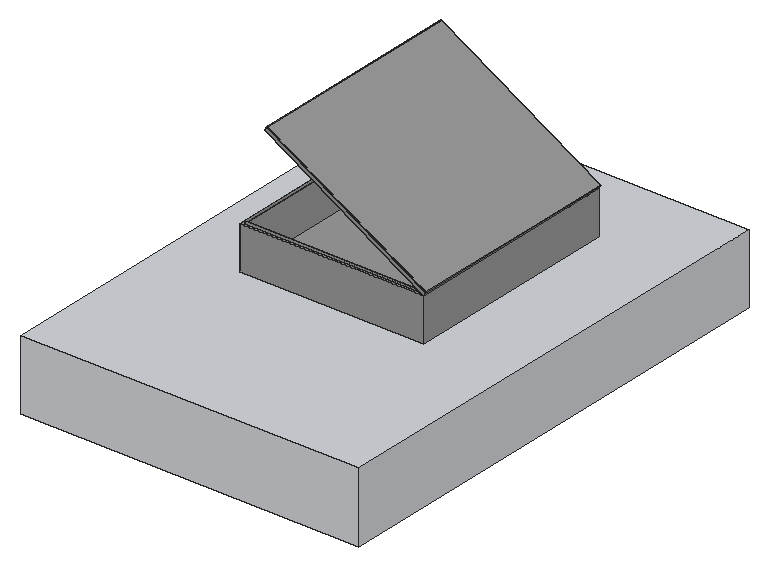
Revit family "Hager-Univers-IP44-D205-H950-Cl.II-Encl-CH-en", category Equipement électrique, Revit 2020
Family settings
  Hôte = Face
  Configuration du panneau = Deux colonnes, circuits au sein
  Cote de connecteur circulaire = Utiliser le diamètre
  Type d'élément = Tableau de raccordement
  Couper avec des vides une fois chargée = Non
  Partagée = Non
  Point de calcul de pièce = Non
Parameters (values of type "Surface mounted (plaster) IP44 W800 H950 D205  - FP63QS")
  Width Control [instance] = if([EF000008 - Width] > Min Width, [EF000008 - Width], Min Width)  # 800 mm
  Commentaires du type = [HG000003 - Range]  # "Univers"
  Thickness Door [instance] = if([EF009171 - Material plate thickness door/cover] > 3 mm, 3 mm, [EF009171 - Material plate thickness door/cover])  # 1 mm
  Seal Frame Offset [instance] = 17 mm  # constant formula
  Plinth Visibility [instance] = [HG000027 - Plinth height] > 0 mm  # no
  Model = ""
  Min Width [instance] = 100 mm  # constant formula
  Min Height [instance] = 100 mm  # constant formula
  Min Depth [instance] = (2 * [EF009170 - Material plate thickness cabinet]) + 1 mm  # 3 mm
  Internal Frame Depth [instance] = (Door System Depth * 0.5)  # 9 mm
  Height Control [instance] = if([EF000040 - Height] > Min Height, [EF000040 - Height], Min Height)  # 950 mm
  HG000027 - Plinth height = 0 mm
  HG000026 - Floor standing = no
  HG000024 - Bottom section height = 800 mm
  HG000023 - Double section enclosure = no
  HG000016 - Door 3d visibility [instance] = yes
  HG000015 - Clearance visibility [instance] = no
  HG000014 - Door on the right [instance] = yes
  HG000013 - Door on the left [instance] = not([HG000014 - Door on the right])  # no
  HG000012 - Door swing angle [instance] = 30.00°
  HG000010 - Asymmetric doors = no
  HG000009 - Double swing door = no
  HG000006 - Flush mounted = no
  HG000004 - Manufacturer reference = "FP63QS"
  HG000003 - Range = "Univers"
  HG000002 - With door or cover = yes
  Frame Offset Bottom [instance] = 10 mm  # constant formula
  Frame Offset [instance] = 15 mm  # constant formula
  EF015940 - Cover with overpressure release = no
  EF011959 - Degree of protection (NEMA) = ""
  EF009554 - Number of openings for flange plates = 6
  EF009212 - Cover model = "EV000116 - Closed"
  EF009171 - Material plate thickness door/cover = 1 mm
  EF009170 - Material plate thickness cabinet = 1 mm
  Fabricant = "Hager"  # constant formula
  EF008873 - Nominal current (In) = 250 A
  EF007800 - Suitable for lightning protection = no
  EF006306 - With lock = no
  EF006244 - Transparent cover/door = no
  EF005474 - Degree of protection (IP) = "EV006418 - IP44"
  EF004464 - Type of door = "EV002646 - Single"
  EF004427 - Number of modules = 216
  EF004293 - Impact strength = "EV006815 - IK09"
  EF003532 - Suitable for outdoor use = no
  EF002950 - Width in number of modular spacings = 36
  EF001613 - Circuit integrity = "EV000494 - None"
  EF001596 - Material housing = "EV000179 - Steel"
  EF001131 - Internal depth = 143 mm
  EF001088 - Extension possible = yes
  EF000437 - Number of conduit inlets = 6
  EF000339 - Type of cover = "EV001012 - Cover"
  EF000266 - Number of rows = 6
  EF000218 - Built-in depth = 0 mm
  EF000118 - With mounting plate = no
  EF000116 - RAL-number = "9010"
  EF000049 - Depth = 205 mm
  EF000040 - Height = 950 mm
  EF000008 - Width = 800 mm
  EF000007 - Colour = "EV000202 - White"
  EF000003 - Mounting method = "EV000384 - Surface mounted (plaster)"
  Door System Leaf Tolerance [instance] = 1.5 mm  # constant formula
  Door System Depth [instance] = 18 mm  # constant formula
  Door Height [instance] = Height Control - [HG000027 - Plinth height]  # 950 mm
  Depth Control [instance] = if([EF000049 - Depth] > Min Depth, [EF000049 - Depth], Min Depth)  # 205 mm
  Default Elevation = 0 mm
  Connector Offset [instance] = Height Control / 2  # 475 mm
  Bottom Top Plate Trim [instance] = 1.5 mm  # constant formula
  Plinth height Ctrl [instance] = if([HG000027 - Plinth height] > 0 mm, [HG000027 - Plinth height], 12 mm)  # 12 mm
Types (5, lengths in mm): name | Width Control | HG000009 - Double swing door | HG000004 - Manufacturer reference | EF009554 - Number of openings for flange plates | EF004464 - Type of door | EF004427 - Number of modules | EF002950 - Width in number of modular spacings | EF001131 - Internal depth | EF000437 - Number of conduit inlets | EF000008 - Width
  Surface mounted (plaster) IP44 W1050 H950 D205  - FP64QS | 1050 | yes | "FP64QS" | 8 | "EV003602 - Double" | 288 | 48 | 143 | 8 | 1050
  Surface mounted (plaster) IP44 W1300 H950 D205  - FP65QS | 1300 | yes | "FP65QS" | 10 | "EV003602 - Double" | 360 | 60 | 143 | 10 | 1300
  Surface mounted (plaster) IP44 W300 H950 D205  - FP61QS | 300 | no | "FP61QS" | 2 | "EV002646 - Single" | 72 | 12 | 143 | 2 | 300
  Surface mounted (plaster) IP44 W550 H950 D205  - FP62QS | 550 | no | "FP62QS" | 4 | "EV002646 - Single" | 144 | 24 | 130 | 4 | 550
  Surface mounted (plaster) IP44 W800 H950 D205  - FP63QS | 800 | no | "FP63QS" | 6 | "EV002646 - Single" | 216 | 36 | 143 | 6 | 800
Reference planes
  plane 1 "Center (Front/Back)": y = 0
  plane 2: z = 0
  plane 3 "Center (Left/Right)": x = 0
  plane 4: z = 205
  plane 5: y = 1
  plane 6: y = 475
  plane 7: y = 0
  plane 8: y = 950
  plane 9: z = 0
  plane 10: x = -385
  plane 11: x = 385
  plane 12: x = 384
  plane 13: x = -384
  plane 14: y = 949
  plane 15: x = -383
  plane 16: x = -400
  plane 17: x = 383
  plane 18: x = 400
  plane 19: x = 399
  plane 20: x = -399
  plane 21: y = 11
  plane 22: y = 950
  plane 23: y = 934
  plane 24: z = 187
  plane 25: z = 1
  plane 26: z = 186
  plane 27: z = 204
Forms (mm)
  Extrusion 1, solid
    sketch origin (0, 0, 0) x (1, 0, 0) y (0, 1, 0)
      loop
        line (-702.964, 1305) -> (-702.964, -811.445) -> (766.763, -811.445) -> (766.763, 1305) -> (-702.964, 1305)
    from 0 to -304.8
  Extrusion 2, solid, material "Hager_Steel_RAL7035_Light_Grey", visible <- "Plinth Visibility", detail levels medium+fine
    sketch origin (0, 0, 0) x (1, 0, 0) y (0, 1, 0)
      loop
        line (-400, 0) -> (400, 0) -> (400, 12) -> (-400, 12) -> (-400, 0)
    from 0 to 187
  Extrusion 3, solid, material "Hager_Steel_RAL7035_Light_Grey", detail levels medium+fine
    sketch origin (0, 0, 0) x (1, 0, 0) y (0, 1, 0)
      loop
        line (-400, 0) -> (400, 0) -> (400, 950) -> (-400, 950) -> (-400, 0)
    from 0 to 187
  Extrusion 4, void
    sketch origin (0, 0, 0) x (1, 0, 0) y (0, 1, 0)
      loop
        line (-399, 1) -> (399, 1) -> (399, 949) -> (-399, 949) -> (-399, 1)
    from 1 to 186
  Extrusion 5, void
    sketch origin (-381.607, -4572, 187) x (0, -1, 0) y (-1, 0, 0)
      loop
        line (-4583, 2.393) -> (-5506, 2.393) -> (-5506, -765.607) -> (-4583, -765.607) -> (-4583, 2.393)
    from 0 to 1 <- "EF009170 - Material plate thickness cabinet"
  Extrusion 6, solid, material "Hager_Steel_RAL7035_Light_Grey", detail levels fine
    sketch origin (0, 0, 187) x (1, 0, 0) y (0, 1, 0)
      loop
        line (-384, 934) -> (-384, 11) -> (384, 11) -> (384, 934) -> (-384, 934)
      loop
        line (-385, 10) -> (385, 10) -> (385, 935) -> (-385, 935) -> (-385, 10)
    from 0 to 9 <- "Internal Frame Depth"
  Extrusion 7, solid, material "Hager_Steel_RAL7035_Light_Grey", detail levels coarse
    sketch origin (0, 0, 0) x (1, 0, 0) y (0, 1, 0)
      loop
        line (-400, 0) -> (400, 0) -> (400, 950) -> (-400, 950) -> (-400, 0)
    from 0 to 205
  Sweep 8, void
    path in 3D
      loop
        line (-400, 12, 0) -> (400, 12, 0) -> (400, 12, 187) -> (-400, 12, 187) -> (-400, 12, 0)
    profile origin (-400, 12, 93.5) x (-1, 0, 0) y (0, -1, 0)
      loop
        line (0, 0) -> (0, 1.5) -> (-1.5, 1.5)
        arc (-1.5, 1.5) -> (-1.061, 0.439) -> (0, 0) r 1.5
Cuts and joins
  Extrusion 4, Extrusion 5 cuts Extrusion 3
  Sweep 8 cuts Extrusion 2
Lines and regions (mm)
  Masking region 1
    outline origin (0, 0, 0) x (1, 0, 0) y (0, 0, 1)
      loop
        line (-400, 205) -> (-400, 0) -> (400, 0) -> (400, 205) -> (-400, 205)
  Masking region 2, detail levels medium+fine
    outline origin (0, 140, 0) x (0, 1, 0) y (0, 0, 1)
      loop
        line (-140, 0) -> (810, 0) -> (810, 187) -> (-140, 187) -> (-140, 0)
  Masking region 3, not visible, detail levels medium+fine
    outline origin (0, 297.922, 0) x (0, 1, 0) y (0, 0, 1)
      loop
        line (188.578, 0) -> (228.578, 0) -> (228.578, 194)
        arc (228.578, 194) -> (225.649, 201.071) -> (218.578, 204) r 10
        line (218.578, 204) -> (188.578, 204) -> (188.578, 0)
  Masking region 4, detail levels coarse
    outline origin (0, 0, 180) x (0, 1, 0) y (0, 0, 1)
      loop
        line (0, -180) -> (950, -180) -> (950, 25) -> (0, 25) -> (0, -180)
  Masking region 5, visible <- "Plinth Visibility", detail levels medium+fine
    outline origin (0, 52.24, 12.345) x (0, 0, -1) y (0, 1, 0)
      loop
        line (10.845, -40.24) -> (-173.155, -40.24)
        arc (-173.155, -40.24) -> (-173.594, -41.301) -> (-174.655, -41.74) r 1.5
        line (-174.655, -41.74) -> (-174.655, -52.24) -> (12.345, -52.24) -> (12.345, -41.74)
        arc (12.345, -41.74) -> (11.285, -41.301) -> (10.845, -40.24) r 1.5
  Masking region 6, detail levels medium+fine
    outline origin (-381.607, -4572, 187) x (-1, 0, 0) y (0, -1, 0)
      loop
        line (18.393, -5522) -> (18.393, -4572) -> (-781.607, -4572) -> (-781.607, -5522) -> (18.393, -5522)
  Masking region 7, visible <- "Plinth Visibility", detail levels medium+fine
    outline origin (-381.607, -4727, 187) x (-1, 0, 0) y (0, -1, 0)
      loop
        arc (16.893, -4739) -> (17.332, -4737.939) -> (18.393, -4737.5) r 1.5
        line (18.393, -4737.5) -> (18.393, -4727) -> (-781.607, -4727) -> (-781.607, -4737.5)
        arc (-781.607, -4737.5) -> (-780.546, -4737.939) -> (-780.107, -4739) r 1.5
        line (-780.107, -4739) -> (16.893, -4739)
  Masking region 8, detail levels coarse
    outline origin (-442.548, -4669.526, 187) x (-1, 0, 0) y (0, -1, 0)
      loop
        line (-42.548, -5619.526) -> (-42.548, -4669.526) -> (-842.548, -4669.526) -> (-842.548, -5619.526) -> (-42.548, -5619.526)
  sketch lines
    curve 1: line (-400, 12, 187) -> (-400, 12, 0)
    curve 2: line (400, 12, 187) -> (-400, 12, 187)
    curve 3: line (400, 12, 187) -> (400, 12, 0)
    curve 4: line (-400, 12, 0) -> (400, 12, 0)
Dimensions and locks
  "Depth Control": plane 4 to Extrusion 1
  "HG000027 - Plinth height": plane 1 "Center (Front/Back)" to plane 7
  "EF009170 - Material plate thickness cabinet": plane 5 to plane 7
  locked: connector elem to plane 3 "Center (Left/Right)"
  equal spacing: plane 8, plane 6, plane 7
  locked: connector elem to plane 6
  "EF009170 - Material plate thickness cabinet": plane 8 to plane 14
  "EF009170 - Material plate thickness cabinet": plane 10 to plane 13
  "EF009170 - Material plate thickness cabinet": plane 12 to plane 11
  "Frame Offset": plane 20 to plane 13
  "Frame Offset": plane 12 to plane 19
  "EF009170 - Material plate thickness cabinet": plane 16 to plane 20
  "EF009170 - Material plate thickness cabinet": plane 19 to plane 18
  "Seal Frame Offset": plane 16 to plane 15
  "Seal Frame Offset": plane 17 to plane 18
  "Frame Offset Bottom": plane 21 to plane 5
  "Frame Offset": plane 14 to plane 23
  equal spacing: plane 16, plane 3 "Center (Left/Right)", plane 18
  "Width Control": plane 16 to plane 18
  "EF009170 - Material plate thickness cabinet": plane 4 to plane 27
  "EF009170 - Material plate thickness cabinet": plane 24 to plane 26
  "EF009170 - Material plate thickness cabinet": plane 25 to level
  "Door System Depth": plane 4 to plane 24
  "Height Control": plane 1 "Center (Front/Back)" to Extrusion 7 sketch curve
  "Height Control": Masking region 4 sketch curve to plane 1 "Center (Front/Back)"
  "Height Control": plane 1 "Center (Front/Back)" to plane 22
  "Bottom Top Plate Trim": profile plane to Sweep 8 sketch curve
  "Bottom Top Plate Trim": Sweep 8 sketch curve to profile plane
  "Plinth height Ctrl": plane 1 "Center (Front/Back)" to Extrusion 2 sketch curve
  "Plinth height Ctrl": Masking region 5 sketch curve to plane 1 "Center (Front/Back)"
  "Plinth height Ctrl": plane 1 "Center (Front/Back)" to Masking region 7 sketch curve
  "Thickness Door": Extrusion 6 sketch curve to Extrusion 6 sketch curve  (x3)
  "Thickness Door": cut or joined group of Extrusion 3, Extrusion 4, Extrusion 5 to Extrusion 6 sketch curve
  radius of Masking region 3 sketch curve = 10 mm
  "Bottom Top Plate Trim": radius of Masking region 5 sketch curve  (x2)
  "Bottom Top Plate Trim": radius of Sweep 8 sketch curve
  "Bottom Top Plate Trim": radius of Masking region 7 sketch curve  (x2)
  aligned and locked: plane 2 to Extrusion 1
  aligned and locked: level to Extrusion 1
  aligned and locked: level to Masking region 1 sketch curve
  aligned and locked: Masking region 1 sketch curve to plane 18
  aligned and locked: Masking region 1 sketch curve to plane 16
  aligned and locked: plane 7 to Masking region 2 sketch curve
  aligned and locked: level to Masking region 3 sketch curve
  aligned and locked: Masking region 3 sketch curve to plane 27
  aligned and locked: level to Masking region 2 sketch curve
  aligned and locked: plane 1 "Center (Front/Back)" to Extrusion 2 sketch curve
  aligned and locked: Extrusion 3 sketch curve to plane 7
  aligned and locked: plane 16 to Extrusion 3 sketch curve
  aligned and locked: plane 18 to Extrusion 3 sketch curve
  aligned and locked: plane 20 to Extrusion 4 sketch curve
  aligned and locked: plane 19 to Extrusion 4 sketch curve
  aligned and locked: Extrusion 4 sketch curve to plane 5
  aligned and locked: Extrusion 4 to plane 25
  aligned and locked: plane 26 to Extrusion 4
  aligned and locked: plane 24 to Extrusion 3
  aligned and locked: Extrusion 5 sketch curve to plane 21
  aligned and locked: Extrusion 5 sketch curve to plane 13
  aligned and locked: Extrusion 5 sketch curve to plane 12
  aligned and locked: plane 18 to Extrusion 7 sketch curve
  aligned and locked: plane 1 "Center (Front/Back)" to Extrusion 7 sketch curve
  aligned and locked: plane 16 to Extrusion 7 sketch curve
  aligned and locked: plane 4 to Extrusion 7
  aligned and locked: Extrusion 7 to level
  aligned and locked: level to Masking region 4 sketch curve
  aligned and locked: Masking region 4 sketch curve to plane 1 "Center (Front/Back)"
  aligned and locked: Masking region 4 sketch curve to plane 4
  aligned and locked: nested 1 to level
  aligned and locked: nested 1 to plane 16
  aligned and locked: plane 8 to Extrusion 3 sketch curve
  aligned and locked: plane 23 to Extrusion 5 sketch curve
  aligned and locked: plane 14 to Extrusion 4 sketch curve
  aligned and locked: Masking region 2 sketch curve to plane 8
  aligned and locked: level to Masking region 5 sketch curve
  aligned and locked: plane 16 to Extrusion 2 sketch curve
  aligned and locked: plane 18 to Extrusion 2 sketch curve
  aligned and locked: Masking region 5 sketch curve to plane 24
  aligned and locked: Masking region 2 sketch curve to plane 24
  aligned and locked: plane 24 to Extrusion 2
  aligned and locked: profile plane to Sweep 8 sketch curve  (x2)
  aligned and locked: Masking region 6 sketch curve to plane 18
  aligned and locked: Masking region 6 sketch curve to plane 22
  aligned and locked: Masking region 6 sketch curve to plane 16
  aligned and locked: plane 8 to plane 22
  aligned and locked: Masking region 6 sketch curve to plane 7
  aligned and locked: Masking region 7 sketch curve to plane 16
  aligned and locked: Masking region 7 sketch curve to plane 1 "Center (Front/Back)"
  aligned and locked: Masking region 7 sketch curve to plane 18
  aligned and locked: Masking region 8 sketch curve to plane 1 "Center (Front/Back)"
  aligned and locked: Masking region 8 sketch curve to plane 18
  aligned and locked: Masking region 8 sketch curve to plane 22
  aligned and locked: Masking region 8 sketch curve to plane 16
  aligned and locked: nested 2 to plane 7
  aligned and locked: plane 3 "Center (Left/Right)" to nested 2
  aligned and locked: nested 2 to plane 24
  aligned and locked: Extrusion 6 sketch curve to cut or joined group of Extrusion 3, Extrusion 4, Extrusion 5  (x4)
Automatic sketch dimensions
  Extrusion 1 sketch curve to Extrusion 1 sketch curve = 1469.727 mm
  Extrusion 1 sketch curve to Extrusion 1 sketch curve = 2116.445 mm
  Masking region 1 sketch curve to plane 4 = 0 mm
  plane 6 to Masking region 3 sketch curve = 11.5 mm
  Masking region 3 sketch curve to Masking region 3 sketch curve = 30 mm
  Masking region 5 sketch curve to plane 1 "Center (Front/Back)" = 0 mm
Nested families
  nested 1: "Hager_Enclosure_Symbol" at (-400, 0, 0) x (1, 0, 0) z (0, -1, 0), Height <- "Depth Control", Width <- "Width Control", type "Hager_Enclosure_Symbol"
    with Width_Ctrl 800 mm, Width 800 mm, Height_Ctrl 205 mm, Height 205 mm, A_Width_Int 13.453 mm, A_Width 161.438 mm, A_Height_Ctrl 179.375 mm, A_Height 179.375 mm
  nested 2: "EC000058_Univers_Door" at (0, 0, 187) x (1, 0, 0) z (0, 1, 0), Leaf_Tolerance <- "Door System Leaf Tolerance", Angle <- "HG000012 - Door swing angle", Door_Depth <- "Door System Depth", Door_Left <- "HG000013 - Door on the left", Transparent <- "EF006244 - Transparent cover/door", Assymetrical <- "HG000010 - Asymmetric doors", Width <- "Width Control", Clearance <- "HG000015 - Clearance visibility", Double <- "HG000009 - Double swing door", 3d_Door <- "HG000016 - Door 3d visibility", Lock_Visibility <- "EF006306 - With lock", Width_Ctrl <- "Width Control", Door_Right <- "HG000014 - Door on the right", Door <- "HG000002 - With door or cover", Height <- "Door Height", Thickness <- "Thickness Door", type "EC000058_Univers_Door", detail levels medium+fine
    with min_wh 3 mm, Width_Ctrl 800 mm, Width 800 mm, Transparent no, Thickness 1 mm, Seal_Material Hager_Rubber, Lock_Visibility no, Lock_Material Hager_Plastic_RAL9005_Jet_Black, Leaf_Width 800 mm, Leaf_Tolerance_External_Sides 0 mm, Leaf_Tolerance 1.5 mm, Leaf_Offset 0 mm, Leaf_Height 947 mm, Leaf_2_Width 800 mm, Leaf_2_Offset 400 mm, Leaf_1_Width 800 mm, Leaf_1_Offset 400 mm, Height_Ctrl 950 mm, Height 950 mm, Glass_Material Hager_Glass, Double_Clearance_Ctrl no, Double no, Door_Right_Ctrl yes, Door_Right yes, Door_Material Hager_Steel_RAL7035_Light_Grey, Door_Left_Ctrl no, Door_Left no, Door_Depth 18 mm, Door yes, Clearance_Material Hager_Clearance, Clearance_Depth 800 mm, Clearance_Ctrl no, Clearance no, Assymetrical no, Angle 30.00°, 3d_Door yes
Connectors
  electrical at (0, 475, 0)
    settings: on plane 9, index 1, voltage 0 V, apparent load 0 VA, apparent load phase1 0 VA, apparent load phase2 0 VA, apparent load phase3 0 VA, power factor 1, load classification "Other", number of poles 1, system type 30, power factor state 1, is connector primary yes, connector utility no, sub classification motor no, connector description ""
Definition of nested family "EC000058_Univers_Door"
  Parameters (values of type "EC000058_Univers_Door")
    min_wh [instance] = (2 * Thickness) + 1 mm  # 11 mm
    Width_Ctrl [instance] = 400 mm
    Width [instance] = 500 mm
    Transparent [instance] = yes
    Thickness [instance] = 5 mm
    Seal_Material [instance] = none
    Lock_Visibility [instance] = yes
    Lock_Material [instance] = none
    Leaf_Width [instance] = if((Width_Ctrl - 2 * Leaf_Tolerance_External_Sides) > 0 mm, (Width_Ctrl - 2 * Leaf_Tolerance_External_Sides), min_wh)  # 400 mm
    Leaf_Tolerance_External_Sides [instance] = 0 mm  # constant formula
    Leaf_Tolerance [instance] = 1.5 mm
    Leaf_Offset [instance] = 0 mm  # constant formula
    Leaf_Height [instance] = if((Height_Ctrl - 2 * Leaf_Tolerance) > 0 mm, (Height_Ctrl - 2 * Leaf_Tolerance), min_wh)  # 497 mm
    Leaf_2_Width [instance] = if(and(and(Double, Assymetrical), Door_Left), (Leaf_Width / 3) - (Leaf_Tolerance / 2), if(and(and(Double, Assymetrical), Door_Right), (Leaf_Width / 3) * 2 - (Leaf_Tolerance / 2), if(and(Double, not(Assymetrical)), (Leaf_Width / 2) - Leaf_Tolerance, Leaf_Width)))  # 400 mm
    Leaf_2_Offset [instance] = if(and(Double, Assymetrical), Leaf_2_Width / 2, if(and(Double, not(Assymetrical)), Leaf_Width / 4, Leaf_Width / 2))  # 200 mm
    Leaf_1_Width [instance] = if(and(and(Double, Assymetrical), Door_Right), (Leaf_Width / 3) - (Leaf_Tolerance / 2), if(and(and(Double, Assymetrical), Door_Left), (Width / 3) * 2 - (Leaf_Tolerance / 2), if(and(Double, not(Assymetrical)), (Leaf_Width / 2) - Leaf_Tolerance, Leaf_Width)))  # 400 mm
    Leaf_1_Offset [instance] = if(and(Double, Assymetrical), Leaf_1_Width / 2, if(and(Double, not(Assymetrical)), Leaf_Width / 4, Leaf_Width / 2))  # 200 mm
    Height_Ctrl [instance] = if(Height > min_wh, Height, min_wh)  # 500 mm
    Height [instance] = 500 mm
    Glass_Material [instance] = none
    Double_Clearance_Ctrl [instance] = and(Double, Clearance)  # no
    Double [instance] = no
    Door_Right_Ctrl [instance] = and(or(Door_Right, Double), Door)  # yes
    Door_Right [instance] = yes
    Door_Material [instance] = none
    Door_Left_Ctrl [instance] = and(or(Door_Left, Double), Door)  # no
    Door_Left [instance] = no
    Door_Depth [instance] = 30 mm
    Door [instance] = yes
    Default Elevation = 1219.2 mm
    Clearance_Material [instance] = none
    Clearance_Depth [instance] = if(Leaf_1_Width > Leaf_2_Width, Leaf_1_Width, Leaf_2_Width)  # 400 mm
    Clearance_Ctrl [instance] = and(not(Double), Clearance)  # yes
    Clearance [instance] = yes
    Assymetrical [instance] = yes
    Angle [instance] = 30.00°
    3d_Door [instance] = yes
  Reference planes
    plane 1 "Center (Front/Back)": y = 0
    plane 2 "Bottom": z = 0
    plane 3 "Center (Left/Right)": x = 0
    plane 4: z = 500
    plane 5: x = -200
    plane 6: x = 200
    plane 7: z = 500
    plane 8: x = -200
    plane 9: z = 0
    plane 10: x = 200
    plane 11: y = 0
    plane 12: z = 1.5
    plane 13: x = -600
    plane 14: y = -400
    plane 15: x = 600
    plane 16: x = 0
    plane 17: x = 0
    plane 18: x = -200
    plane 19: x = 200
    plane 20: z = 498.5
  Forms (mm)
    Extrusion 1, solid, material <- "Clearance_Material", visible <- "Double_Clearance_Ctrl"
      sketch origin (1200, 0, 0) x (1, 0, 0) y (0, 0, -1)
        loop
          line (-1800, -498.5) -> (-600, -498.5) -> (-600, 0) -> (-1800, 0) -> (-1800, -498.5)
      from 0 to -400
  Dimensions and locks
    equal spacing: plane 5, plane 3 "Center (Left/Right)", plane 6
    "Width_Ctrl": plane 5 to plane 6
    "Leaf_Offset": plane 5 to plane 8
    "Leaf_Offset": plane 6 to plane 10
    "Leaf_Offset": plane 9 to level
    "Leaf_Offset": plane 4 to plane 7
    "Height_Ctrl": plane 4 to level
    "Leaf_Tolerance": plane 12 to plane 9
    locked: plane 11 to plane 1 "Center (Front/Back)"
    "Leaf_1_Offset": plane 18 to plane 16
    "Leaf_2_Offset": plane 17 to plane 19
    "Leaf_1_Width": plane 13 to plane 8
    "Leaf_2_Width": plane 10 to plane 15
    "Clearance_Depth": plane 14 to plane 1 "Center (Front/Back)"
    "Leaf_Tolerance_External_Sides": plane 8 to plane 18
    "Leaf_Tolerance_External_Sides": plane 19 to plane 10
    "Leaf_Tolerance": plane 7 to plane 20
    aligned and locked: level to plane 2 "Bottom"
    aligned and locked: nested 1 to plane 16
    aligned and locked: nested 2 to plane 17
    aligned and locked: Extrusion 1 to plane 13
    aligned and locked: plane 15 to Extrusion 1
    aligned and locked: Extrusion 1 to plane 14
    aligned and locked: plane 12 to nested 1
    aligned and locked: nested 2 to plane 12
    aligned and locked: Extrusion 1 to plane 11
    aligned and locked: plane 20 to Extrusion 1
    aligned and locked: nested 2 to plane 11
    aligned and locked: nested 1 to plane 11
  Automatic sketch dimensions
    Extrusion 1 sketch curve to level = 0 mm
    plane 5 to Extrusion 1 sketch curve = 400 mm
    plane 6 to Extrusion 1 sketch curve = 400 mm
    Extrusion 1 sketch curve to plane 4 = 1.5 mm
  Nested families
    nested 1: "EC000058_Univers_Door_Leaf" at (0, 0, 1.5), Width <- "Leaf_1_Width", visible <- "Door_Left_Ctrl", Leaf_Height <- "Leaf_Height", Angle <- "Angle", 3d_Door <- "3d_Door", Transparent <- "Transparent", Clearance Material <- "Clearance_Material", Clearance <- "Clearance_Ctrl", Door_Material <- "Door_Material", Glass_Material <- "Glass_Material", Door_Depth <- "Door_Depth", Lock_Material <- "Lock_Material", Seal_Material <- "Seal_Material", Lock_Visibility <- "Lock_Visibility", Thickness <- "Thickness", type "EC000058_Univers_Door_Leaf"
      with Width 400 mm, Transparent_Glass_Offset 30 mm, Transparent_Ctrl yes, Transparent yes, Thickness 5 mm, Standard no, Seal_Material none, Seal_D2 8 mm, Seal_D1 1 mm, Offset_Internal_Frame 10 mm, Lock_Width 20 mm, Lock_Visibility_3d yes, Lock_Visibility yes, Lock_Thickness_3 3 mm, Lock_Thickness_2 1 mm, Lock_Thickness_1 3 mm, Lock_Radius_Offset_2 16 mm, Lock_Radius_Offset_1 15 mm, Lock_Radius_2 5 mm, Lock_Radius 6 mm, Lock_Offset 5 mm, Lock_Material none, Lock_Height 80 mm, Lock_Cover_Top_Offset_2d 17 mm, Lock_Cover_Height -65 mm, Leaf_Height 497 mm, Internal_Seal_Thickness 8 mm, Internal_Seal_Depth_2 4.5 mm, Internal_Frame_Depth 25 mm, Glass_Thickness -1 mm, Glass_Offset -2 mm, Glass_Material none, Door_Material none, Door_Depth 30 mm, Clearance Material none, Clearance yes, Angle_Ctrl 30.00°, Angle 30.00°, 3d_Door yes
    nested 2: "EC000058_Univers_Door_Leaf" at (0, 0, 1.5) x (-1, 0, 0) z (0, 0, 1), Width <- "Leaf_2_Width", visible <- "Door_Right_Ctrl", Leaf_Height <- "Leaf_Height", Angle <- "Angle", 3d_Door <- "3d_Door", Transparent <- "Transparent", Clearance Material <- "Clearance_Material", Clearance <- "Clearance_Ctrl", Door_Material <- "Door_Material", Glass_Material <- "Glass_Material", Door_Depth <- "Door_Depth", Lock_Material <- "Lock_Material", Seal_Material <- "Seal_Material", Lock_Visibility <- "Lock_Visibility", Thickness <- "Thickness", type "EC000058_Univers_Door_Leaf"
      with Width 400 mm, Transparent_Glass_Offset 30 mm, Transparent_Ctrl yes, Transparent yes, Thickness 5 mm, Standard no, Seal_Material none, Seal_D2 8 mm, Seal_D1 1 mm, Offset_Internal_Frame 10 mm, Lock_Width 20 mm, Lock_Visibility_3d yes, Lock_Visibility yes, Lock_Thickness_3 3 mm, Lock_Thickness_2 1 mm, Lock_Thickness_1 3 mm, Lock_Radius_Offset_2 16 mm, Lock_Radius_Offset_1 15 mm, Lock_Radius_2 5 mm, Lock_Radius 6 mm, Lock_Offset 5 mm, Lock_Material none, Lock_Height 80 mm, Lock_Cover_Top_Offset_2d 17 mm, Lock_Cover_Height -65 mm, Leaf_Height 497 mm, Internal_Seal_Thickness 8 mm, Internal_Seal_Depth_2 4.5 mm, Internal_Frame_Depth 25 mm, Glass_Thickness -1 mm, Glass_Offset -2 mm, Glass_Material none, Door_Material none, Door_Depth 30 mm, Clearance Material none, Clearance yes, Angle_Ctrl 30.00°, Angle 30.00°, 3d_Door yes
  Definition of nested family "EC000058_Univers_Door_Leaf"
    Parameters (values of type "EC000058_Univers_Door_Leaf")
      Width [instance] = 2000 mm
      Transparent_Glass_Offset [instance] = 30 mm
      Transparent_Ctrl [instance] = and(Transparent, [3d_Door])  # yes
      Transparent [instance] = yes
      Thickness [instance] = 5 mm
      Standard [instance] = and(not(Transparent), [3d_Door])  # no
      Seal_Material [instance] = none
      Seal_D2 [instance] = 8 mm  # constant formula
      Seal_D1 [instance] = 1 mm  # constant formula
      Offset_Internal_Frame [instance] = 10 mm  # constant formula
      Lock_Width [instance] = 20 mm  # constant formula
      Lock_Visibility_3d [instance] = and(Lock_Visibility, [3d_Door])  # yes
      Lock_Visibility [instance] = yes
      Lock_Thickness_3 [instance] = 3 mm  # constant formula
      Lock_Thickness_2 [instance] = 1 mm  # constant formula
      Lock_Thickness_1 [instance] = 3 mm  # constant formula
      Lock_Radius_Offset_2 [instance] = Lock_Radius_Offset_1 + 1 mm  # 16 mm
      Lock_Radius_Offset_1 [instance] = 15 mm  # constant formula
      Lock_Radius_2 [instance] = Lock_Radius - 1 mm  # 5 mm
      Lock_Radius [instance] = 6 mm  # constant formula
      Lock_Offset [instance] = 5 mm  # constant formula
      Lock_Material [instance] = none
      Lock_Height [instance] = 80 mm  # constant formula
      Lock_Cover_Top_Offset_2d [instance] = Lock_Radius_Offset_2 + 1 mm  # 17 mm
      Lock_Cover_Height [instance] = -(Lock_Height - Lock_Radius_Offset_1)  # -65 mm
      Leaf_Height [instance] = 2720.336 mm
      Internal_Seal_Thickness [instance] = 8 mm  # constant formula
      Internal_Seal_Depth_2 [instance] = 4.5 mm  # constant formula
      Internal_Frame_Depth [instance] = if(Door_Depth - Thickness > 5 mm, Door_Depth - Thickness, 5 mm)  # 25 mm
      Glass_Thickness [instance] = if(Thickness > 15 mm, Glass_Offset + 10 mm, -1 mm)  # -1 mm
      Glass_Offset [instance] = if(Thickness > 15 mm, -(Thickness + 10 mm) / 2, -2 mm)  # -2 mm
      Glass_Material [instance] = none
      Door_Material [instance] = none
      Door_Depth [instance] = 30 mm
      Default Elevation = 0 mm
      Clearance Material [instance] = none
      Clearance [instance] = yes
      Angle_Ctrl [instance] = if(Angle > 180.00°, 180.00°, Angle)  # 90.00°
      Angle [instance] = 90.00°
      3d_Door [instance] = yes
    Reference planes
      plane 1 "Center (Front/Back)": y = 0
      plane 2: z = 0
      plane 3 "Center (Left/Right)": x = 0
      plane 4: y = 2000
      plane 5: x = -1000
      plane 6: x = 1000
      plane 7: x = -3000
      plane 8: z = 2720.336
      plane 9: z = 30
      plane 10: z = 2690.336
      plane 11: x = 970
      plane 12: x = -970
      plane 13: y = -3
      plane 14: z = 107.833
      plane 15: y = -5
      plane 16: y = -223.314
      plane 17: x = -1000
      plane 18: z = 1360.168
      plane 19: y = 30
    Forms (mm)
      Extrusion 1, solid, material <- "Clearance Material", visible <- "Clearance"
        sketch origin (0, 0, 0) x (1, 0, 0) y (0, 0, 1)
          loop
            line (-3000, 2720.336) -> (-3000, 0) -> (1000, 0) -> (1000, 2720.336) -> (-3000, 2720.336)
        from 0 to -2000
      Extrusion 2, solid, material <- "Door_Material", visible <- "Standard", detail levels medium+fine
        sketch origin (-1000, 0, 0) x (0, 1, 0) y (-1, 0, 0)
          loop
            line (0, 30) -> (0, 25) -> (2000, 25) -> (2000, 30) -> (0, 30)
        from 0 to 2720.336 <- "Leaf_Height"
      Extrusion 3, solid, material <- "Door_Material", visible <- "Transparent_Ctrl", detail levels medium+fine
        sketch origin (-1000, 0, 0) x (0, 1, 0) y (-1, 0, 0)
          loop
            line (0, 25) -> (2000, 25) -> (2000, 30) -> (0, 30) -> (0, 25)
        from 0 to 2720.336 <- "Leaf_Height"
      Extrusion 4, void
        sketch origin (-1025, 2000, 0) x (0, 1, 0) y (0, 0, -1)
          loop
            line (-30, -2690.336) -> (-30, -30) -> (-1970, -30) -> (-1970, -2690.336) -> (-30, -2690.336)
        from 0 to 5 <- "Thickness"
      Sweep 5, solid, material <- "Seal_Material", visible <- "Transparent_Ctrl", detail levels fine
        path in 3D
          loop
            line (-1025, 30, 30) -> (-1025, 30, 2690.336) -> (-1025, 1970, 2690.336) -> (-1025, 1970, 30) -> (-1025, 30, 30)
        profile origin (-1025, 1000, 30) x (1, 0, 0) y (0, 0, 1)
          loop
            line (0, 0) -> (0, -8) -> (1, -8) -> (1, 0) -> (0, 0)
      Extrusion 6, solid, material <- "Glass_Material", visible <- "Transparent_Ctrl", detail levels medium+fine
        sketch origin (-1030, 0, 0) x (0, 1, 0) y (0, 0, -1)
          loop
            line (1970, -2690.336) -> (1970, -30) -> (30, -30) -> (30, -2690.336) -> (1970, -2690.336)
        from -2 <- "Glass_Offset" to -1 <- "Glass_Thickness"
      Extrusion 7, solid, material <- "Door_Material", visible <- "3d_Door", detail levels medium+fine
        sketch origin (-1025, 2000, 0) x (0, -1, 0) y (0, 0, -1)
          loop
            line (0, -2720.336) -> (2000, -2720.336) -> (2000, 0) -> (0, 0) -> (0, -2720.336)
          loop
            line (1995, -5) -> (5, -5) -> (5, -2715.336) -> (1995, -2715.336) -> (1995, -5)
        from 0 to 25 <- "Internal_Frame_Depth"
      Sweep 8, solid, material <- "Seal_Material", visible <- "Transparent_Ctrl", detail levels fine
        path in 3D
          loop
            line (-1025, 0, 0) -> (-1025, 2000, 0) -> (-1025, 2000, 2720.336) -> (-1025, 0, 2720.336) -> (-1025, 0, 0)
        profile origin (-1025, 0, 1360.168) x (1, 0, 0) y (0, 1, 0)
          loop
            line (0, 10) -> (2.975, 10)
            arc (2.975, 10) -> (4.053, 10.447) -> (4.5, 11.525) r 1.525
            line (4.5, 11.525) -> (4.5, 16.527)
            arc (4.5, 16.527) -> (4.069, 17.569) -> (3.027, 18) r 1.473
            line (3.027, 18) -> (0, 18) -> (0, 10)
      Extrusion 9, solid, material <- "Lock_Material", visible <- "Lock_Visibility_3d", detail levels fine
        sketch origin (-1030, 0, 0) x (0, 1, 0) y (0, 0, -1)
          loop
            arc (1993.5, -1400.168) -> (1994.561, -1399.729) -> (1995, -1398.668) r 1.5
            line (1995, -1398.668) -> (1995, -1320.168) -> (1975, -1320.168) -> (1975, -1398.668)
            arc (1975, -1398.668) -> (1975.439, -1399.729) -> (1976.5, -1400.168) r 1.5
            line (1976.5, -1400.168) -> (1993.5, -1400.168)
        from 3 <- "Lock_Thickness_1" to 0
      Blend 10, solid, material <- "Lock_Material", visible <- "Lock_Visibility_3d", detail levels fine
        base sketch origin (-1033, 0, 0) x (0, 1, 0) y (0, 0, -1)
          loop
            line (1975, -1320.168) -> (1975, -1398.668)
            arc (1975, -1398.668) -> (1975.439, -1399.729) -> (1976.5, -1400.168) r 1.5
            line (1976.5, -1400.168) -> (1993.5, -1400.168)
            arc (1993.5, -1400.168) -> (1994.561, -1399.729) -> (1995, -1398.668) r 1.5
            line (1995, -1398.668) -> (1995, -1320.168) -> (1975, -1320.168)
        top sketch origin (-1033, 0, 0) x (0, 1, 0) y (0, 0, -1)
          loop
            line (1976, -1320.168) -> (1976, -1398.668)
            arc (1976, -1398.668) -> (1976.146, -1399.022) -> (1976.5, -1399.168) r 0.5
            line (1976.5, -1399.168) -> (1993.5, -1399.168)
            arc (1993.5, -1399.168) -> (1993.854, -1399.022) -> (1994, -1398.668) r 0.5
            line (1994, -1398.668) -> (1994, -1320.168) -> (1976, -1320.168)
        from 0 to 1 <- "Lock_Thickness_2"
      Blend 11, solid, material <- "Lock_Material", visible <- "Lock_Visibility_3d", detail levels fine
        base sketch origin (-1034, 0, 0) x (0, 1, 0) y (0, 0, -1)
          loop
            line (1978, -1320.168) -> (1978, -1384.168)
            arc (1978, -1384.168) -> (1985, -1391.168) -> (1992, -1384.168) r 7
            line (1992, -1384.168) -> (1992, -1320.168) -> (1978, -1320.168)
        top sketch origin (-1034, 0, 0) x (0, 1, 0) y (0, 0, -1)
          loop
            line (1991, -1320.168) -> (1979, -1320.168) -> (1979, -1383.168)
            arc (1979, -1383.168) -> (1985, -1389.168) -> (1991, -1383.168) r 6
            line (1991, -1383.168) -> (1991, -1320.168)
        from 0 to 3 <- "Lock_Thickness_3"
      Extrusion 12, solid, material <- "Lock_Material", visible <- "Lock_Visibility_3d", detail levels fine
        sketch origin (-1030, 1975, 1320.168) x (1, 0, 0) y (0, -1, 0)
          loop
            line (-7, -19) -> (-7, -1) -> (0, -1) -> (0, 0) -> (-8, 0) -> (-8, -20) -> (0, -20) -> (0, -19) -> (-7, -19)
        from 0 to -65 <- "Lock_Cover_Height"
      Extrusion 13, void
        sketch origin (-1038, 1995, 1320.168) x (-1, 0, 0) y (0, 0, -1)
          loop
            line (-5, -65) -> (0, -65) -> (-5, -60) -> (-5, -65)
        from 0 to 20 <- "Lock_Width"
      Extrusion 14, void
        sketch origin (-1038, 1975, 1320.168) x (0, -1, 0) y (0, 0, -1)
          loop
            circle (-10, -15.995) r 6
          loop
            circle (-10, -15.995) r 5
        from 0 to 2
      Extrusion 15, solid, material <- "Lock_Material", visible <- "Lock_Visibility_3d", detail levels medium
        sketch origin (-1030, 0, 0) x (0, 1, 0) y (0, 0, -1)
          loop
            arc (1993.5, -1400.168) -> (1994.561, -1399.729) -> (1995, -1398.668) r 1.5
            line (1995, -1398.668) -> (1995, -1320.168) -> (1975, -1320.168) -> (1975, -1398.668)
            arc (1975, -1398.668) -> (1975.439, -1399.729) -> (1976.5, -1400.168) r 1.5
            line (1976.5, -1400.168) -> (1993.5, -1400.168)
        from 8 to 0
    Cuts and joins
      Extrusion 4 cuts Extrusion 3
      Extrusion 13, Extrusion 14 cuts Extrusion 9
      Extrusion 14 cuts Blend 11
      Extrusion 13, Extrusion 14 cuts Extrusion 12
      joined: Extrusion 9, Blend 10, Blend 11, Extrusion 12
      Extrusion 14 cuts Extrusion 15
    Lines and regions (mm)
      Masking region 1, visible <- "Lock_Visibility", detail levels fine
        outline origin (0, 0, 0) x (0, 1, 0) y (0, 0, 1)
          loop
            line (30, 1320.168) -> (33, 1320.168) -> (33, 1400.168) -> (30, 1400.168) -> (30, 1320.168)
      Masking region 2, visible <- "Lock_Visibility", detail levels fine
        outline origin (0, 3.143, 0) x (0, 1, 0) y (0, 0, 1)
          loop
            line (29.857, 1354.168) -> (30.857, 1354.168) -> (30.857, 1366.168) -> (29.857, 1366.168) -> (29.857, 1354.168)
      Masking region 3, detail levels medium+fine
        outline origin (0, 0, 0) x (0, 1, 0) y (0, 0, 1)
          loop
            line (0, 0) -> (30, 0) -> (30, 2720.336) -> (0, 2720.336) -> (0, 0)
      Masking region 4, detail levels medium+fine
        outline origin (0, 0, 0) x (1, 0, 0) y (0, 0, 1)
          loop
            line (-1000, 2720.336) -> (-1000, 0) -> (1000, 0) -> (1000, 2720.336) -> (-1000, 2720.336)
      Masking region 5, visible <- "Lock_Visibility", detail levels fine
        outline origin (-47.116, 0, 0) x (1, 0, 0) y (0, 0, 1)
          loop
            arc (1024.616, 1399.168) -> (1023.556, 1398.729) -> (1023.116, 1397.668) r 1.5
            line (1023.116, 1397.668) -> (1023.116, 1320.168) -> (1041.116, 1320.168) -> (1041.116, 1397.668)
            arc (1041.116, 1397.668) -> (1040.677, 1398.729) -> (1039.616, 1399.168) r 1.5
            line (1039.616, 1399.168) -> (1024.616, 1399.168)
      Masking region 6, visible <- "Lock_Visibility", detail levels medium+fine
        outline origin (-25, 0, 0) x (1, 0, 0) y (0, 0, 1)
          loop
            arc (1001.5, 1400.168) -> (1000.439, 1399.729) -> (1000, 1398.668) r 1.5
            line (1000, 1398.668) -> (1000, 1320.168) -> (1020, 1320.168) -> (1020, 1398.668)
            arc (1020, 1398.668) -> (1019.561, 1399.729) -> (1018.5, 1400.168) r 1.5
            line (1018.5, 1400.168) -> (1001.5, 1400.168)
      Masking region 7, visible <- "Lock_Visibility", detail levels fine
        outline origin (-73.735, 0, 0) x (1, 0, 0) y (0, 0, 1)
          loop
            line (1051.735, 1382.168) -> (1065.735, 1382.168) -> (1065.735, 1384.168)
            arc (1065.735, 1384.168) -> (1058.735, 1391.168) -> (1051.735, 1384.168) r 7
            line (1051.735, 1384.168) -> (1051.735, 1382.168)
      Masking region 8, visible <- "Lock_Visibility", detail levels fine
        outline origin (-73.735, 0, 0) x (1, 0, 0) y (0, 0, 1)
          loop
            line (1052.735, 1382.168) -> (1064.735, 1382.168) -> (1064.735, 1383.168)
            arc (1064.735, 1383.168) -> (1058.735, 1389.168) -> (1052.735, 1383.168) r 6
            line (1052.735, 1383.168) -> (1052.735, 1382.168)
      Masking region 9, visible <- "Lock_Visibility", detail levels fine
        outline origin (-25, 0, 0) x (1, 0, 0) y (0, 0, 1)
          loop
            line (1020, 1320.168) -> (1020, 1382.168) -> (1000, 1382.168) -> (1000, 1320.168) -> (1020, 1320.168)
      Masking region 10, detail levels medium+fine
        outline origin (0, 0, 0) x (1, 0, 0) y (0, 0, 1)
          loop
            circle (985, 1335.144) r 6
      Masking region 11, detail levels fine
        outline origin (0, 0, 0) x (1, 0, 0) y (0, 0, 1)
          loop
            circle (985, 1335.144) r 5
      Masking region 12, visible <- "Lock_Visibility", detail levels fine
        outline origin (0, 12.767, 0) x (0, 1, 0) y (0, 0, 1)
          loop
            line (20.233, 1320.168) -> (21.233, 1320.168) -> (21.233, 1399.168) -> (20.233, 1400.168) -> (20.233, 1320.168)
      Masking region 13, visible <- "Lock_Visibility", detail levels fine
        outline origin (0, 13.767, -10) x (0, 1, 0) y (0, 0, 1)
          loop
            line (20.233, 1330.168) -> (23.233, 1330.168) -> (23.233, 1399.168) -> (20.233, 1402.168) -> (20.233, 1330.168)
      Masking region 14, visible <- "Lock_Visibility", detail levels fine
        outline origin (0, 12.767, -10) x (0, 1, 0) y (0, 0, 1)
          loop
            line (20.233, 1330.168) -> (25.233, 1330.168) -> (25.233, 1399.305) -> (20.233, 1394.305) -> (20.233, 1330.168)
      Masking region 15, visible <- "Lock_Visibility", detail levels medium
        outline origin (0, 0, 0) x (0, 1, 0) y (0, 0, 1)
          loop
            line (30, 1320.168) -> (38, 1320.168) -> (38, 1400.168) -> (30, 1400.168) -> (30, 1320.168)
      Masking region 16, visible <- "Lock_Visibility", detail levels fine
        outline origin (-1000, 0, 0) x (0, 1, 0) y (-1, 0, 0)
          loop
            line (1975, 30) -> (1995, 30) -> (1995, 38) -> (1975, 38) -> (1975, 30)
          loop
            line (1979, 37) -> (1976, 37) -> (1976, 34) -> (1978, 34) -> (1979, 37)
          loop
            line (1994, 37) -> (1991, 37) -> (1992, 34) -> (1994, 34) -> (1994, 37)
      Masking region 17, visible <- "Lock_Visibility", detail levels medium
        outline origin (-1000, 0, 0) x (0, 1, 0) y (-1, 0, 0)
          loop
            line (1975, 30) -> (1995, 30) -> (1995, 38) -> (1975, 38) -> (1975, 30)
      symbolic lines
        curve 1: line (1000, 0, 0) -> (-3000, 0, 0)
        curve 2: arc (1000, 0, 0) -> (-1000, 2000, 0) -> (-3000, 0, 0) r 2000
        curve 4: line (-1030, 0, 0) -> (-1030, 2000, 0)
      reference lines
        curve 3: line (-1000, 0, 0) -> (-1000, 2000, 0)
      symbolic lines, detail levels medium+fine
        curve 5: line (-1030, 2000, 0) -> (-1025, 2000, 0)
        curve 7: line (-1025, 0, 0) -> (-1030, 0, 0)
        curve 8: line (-1025, 0, 0) -> (-1000, 0, 0)
        curve 9: line (-1000, 0, 0) -> (-1000, 2000, 0)
        curve 10: line (-1000, 2000, 0) -> (-1025, 2000, 0)
      symbolic lines, detail levels fine
        curve 6: line (-1025, 2000, 0) -> (-1025, 0, 0)
      sketch lines
        curve 11: line (-1025, 0, 2720.336) -> (-1025, 0, 0)
        curve 12: line (-1025, 2000, 0) -> (-1025, 0, 0)
        curve 13: line (-1025, 2000, 2720.336) -> (-1025, 2000, 0)
        curve 14: line (-1025, 0, 2720.336) -> (-1025, 2000, 2720.336)
        curve 15: line (-1025, 1970, 30) -> (-1025, 30, 30)
        curve 16: line (-1025, 30, 30) -> (-1025, 30, 2690.336)
        curve 17: line (-1025, 1970, 2690.336) -> (-1025, 1970, 30)
        curve 18: line (-1025, 30, 2690.336) -> (-1025, 1970, 2690.336)
      symbolic lines, visible <- "Transparent", detail levels medium+fine
        curve 19: line (-970, 0, 2690.336) -> (970, 0, 2690.336)
        curve 20: line (-970, 0, 30) -> (-970, 0, 2690.336)
        curve 21: line (970, 0, 30) -> (-970, 0, 30)
        curve 22: line (970, 0, 2690.336) -> (970, 0, 30)
    Dimensions and locks
      "Width": plane 1 "Center (Front/Back)" to plane 4
      equal spacing: plane 5, plane 3 "Center (Left/Right)", plane 6
      "Width": plane 5 to plane 6
      "Width": plane 7 to plane 5
      "Leaf_Height": plane 8 to level
      "Width": curve 5 to curve 3
      "Width": curve 3 to curve 3
      plane 8 to plane 10 = 30 mm
      plane 9 to level = 30 mm
      plane 12 to plane 5 = 30 mm
      plane 6 to plane 11 = 30 mm
      Extrusion 1 to Extrusion 4 sketch curve = 30 mm
      "Transparent_Glass_Offset": curve 3 to Extrusion 4 sketch curve
      "Transparent_Glass_Offset": Extrusion 4 sketch curve to cut or joined group of Extrusion 3, Extrusion 4  (x2)
      cut or joined group of Extrusion 3, Extrusion 4 to Extrusion 6 sketch curve = 30 mm
      "Transparent_Glass_Offset": cut or joined group of Extrusion 3, Extrusion 4 to Extrusion 4 sketch curve
      "Thickness": curve 6 to curve 4
      "Thickness": Extrusion 7 sketch curve to Extrusion 7 sketch curve  (x4)
      "Door_Depth": curve 4 to curve 3
      "Offset_Internal_Frame": profile plane to Sweep 8 sketch curve
      "Internal_Seal_Thickness": Sweep 8 sketch curve to Sweep 8 sketch curve
      "Internal_Seal_Depth_2": profile plane to Sweep 8 sketch curve
      "Seal_D1": profile plane to Sweep 5 sketch curve
      "Seal_D2": profile plane to Sweep 5 sketch curve
      "Thickness": Extrusion 2 sketch curve to Extrusion 2 sketch curve
      equal spacing: Extrusion 9 sketch curve, plane 18, Extrusion 9 sketch curve  (x2)
      equal spacing: Masking region 1 sketch curve, plane 18, Masking region 1 sketch curve
      "Lock_Height": Masking region 1 sketch curve to Masking region 1 sketch curve
      "Lock_Radius": Masking region 2 sketch curve to plane 18 to Masking region 2 sketch curve
      Masking region 2 sketch curve to Masking region 1 = 1 mm
      "Door_Depth": plane 19 to plane 1 "Center (Front/Back)"
      "Lock_Thickness_1": Masking region 1 sketch curve to plane 19
      "Lock_Width": Extrusion 9 sketch curve to Extrusion 9 sketch curve
      "Lock_Height": Extrusion 9 sketch curve to Extrusion 9 sketch curve
      "Lock_Offset": cut or joined group of Extrusion 3, Extrusion 4 to Extrusion 9 sketch curve
      equal spacing: plane 8, plane 18, level
      "Lock_Radius_Offset_1": Blend 11 sketch curve to Blend 10
      locked: Blend 10 to Blend 11 sketch curve at 2  (x2)
      locked: var sketch to Blend 11 sketch curve at 1  (x2)
      "Lock_Radius_Offset_2": Blend 11 sketch curve to Blend 10
      locked: Extrusion 12 sketch curve to Extrusion 12 sketch curve at 1  (x3)
      Masking region 6 sketch curve to Masking region 6 sketch curve = 80 mm
      "Lock_Height": Masking region 6 sketch curve to Masking region 6 sketch curve
      "Lock_Width": Masking region 6 sketch curve to Masking region 6 sketch curve
      locked: Masking region 6 to Masking region 5 sketch curve at 1  (x3)
      locked: Masking region 5 to Masking region 7 sketch curve at 2  (x2)
      "Lock_Radius_Offset_1": Masking region 5 to Masking region 7 sketch curve
      "Lock_Radius_Offset_2": Masking region 5 to Masking region 8 sketch curve
      locked: Masking region 7 to Masking region 8 sketch curve at 1  (x2)
      "Lock_Cover_Top_Offset_2d": Masking region 5 to Masking region 9 sketch curve
      equal spacing: Masking region 9, Masking region 10 sketch curve, Masking region 9
      equal spacing: Masking region 9, Masking region 11 sketch curve, Masking region 9
      Extrusion 15 sketch curve to Extrusion 15 sketch curve = 80 mm
      "Lock_Width": Extrusion 15 sketch curve to Extrusion 15 sketch curve
      "Lock_Height": Extrusion 15 sketch curve to Extrusion 15 sketch curve
      equal spacing: Extrusion 15 sketch curve, plane 18, Extrusion 15 sketch curve
      "Lock_Thickness_3": Masking region 13 sketch curve to Masking region 13 sketch curve
      "Lock_Height": Masking region 12 sketch curve to Masking region 12 sketch curve
      locked: Masking region 13 sketch curve to Masking region 1 at 8
      locked: Masking region 14 sketch curve to Masking region 13 at 1
      locked: Masking region 14 sketch curve to Masking region 1 at 10.863
      "Lock_Height": Masking region 15 sketch curve to Masking region 15 sketch curve
      "Lock_Offset": Extrusion 15 sketch curve to cut or joined group of Extrusion 3, Extrusion 4
      "Lock_Offset": plane 6 to Masking region 6 sketch curve
      radius of Sweep 8 sketch curve = 1.525 mm
      radius of Sweep 8 sketch curve = 1.473 mm
      radius of Extrusion 9 sketch curve = 1.5 mm  (x2)
      "Lock_Radius": radius of Extrusion 14 sketch curve
      "Lock_Radius_2": radius of Extrusion 14 sketch curve
      "Lock_Radius": radius of Masking region 10 sketch curve
      "Lock_Radius_2": radius of Masking region 11 sketch curve
      radius of Extrusion 15 sketch curve = 1.5 mm  (x2)
      "Angle_Ctrl": angle plane 1 "Center (Front/Back)" to curve 3
      locked: Masking region 12 sketch curve to Masking region 12 sketch curve (angle 45.00°)
      locked: Masking region 13 sketch curve to Masking region 13 sketch curve (angle 45.00°)
      locked: Masking region 14 sketch curve to Masking region 14 sketch curve (angle 45.00°)
      aligned and locked: level to plane 2
      aligned and locked: Extrusion 1 to curve 1
      aligned and locked: plane 6 to Extrusion 1
      aligned and locked: Extrusion 1 to plane 1 "Center (Front/Back)"
      aligned and locked: plane 4 to Extrusion 1
      aligned and locked: plane 8 to Extrusion 1
      aligned and locked: curve 7 to Extrusion 2 sketch curve
      aligned and locked: curve 5 to Extrusion 2 sketch curve
      aligned and locked: curve 7 to Extrusion 3 sketch curve
      aligned and locked: Extrusion 3 sketch curve to curve 4
      aligned and locked: Extrusion 3 sketch curve to curve 6
      aligned and locked: Extrusion 3 sketch curve to curve 5
      aligned and locked: curve 9 to curve 3
      aligned and locked: Extrusion 7 sketch curve to cut or joined group of Extrusion 3, Extrusion 4  (x4)
      aligned and locked: plane 17 to curve 3
      aligned and locked: plane 1 "Center (Front/Back)" to curve 3
      aligned and locked: plane 17 to plane 5
      aligned and locked: Sweep 8 sketch curve to profile plane
      aligned and locked: Sweep 5 sketch curve to profile plane  (x2)
      aligned and locked: Masking region 1 to Masking region 2 sketch curve
      aligned and locked: plane 19 to Masking region 1 sketch curve
      aligned and locked: plane 1 "Center (Front/Back)" to Masking region 3 sketch curve
      aligned and locked: plane 19 to Masking region 3 sketch curve
      aligned and locked: level to Masking region 3 sketch curve
      aligned and locked: Masking region 3 sketch curve to plane 8
      aligned and locked: plane 17 to Masking region 4 sketch curve
      aligned and locked: level to Masking region 4 sketch curve
      aligned and locked: Masking region 4 sketch curve to plane 8
      aligned and locked: plane 12 to curve 20
      aligned and locked: plane 10 to curve 19
      aligned and locked: plane 11 to curve 22
      aligned and locked: curve 21 to plane 9
      aligned and locked: Extrusion 2 sketch curve to cut or joined group of Extrusion 3, Extrusion 4
      aligned and locked: Blend 10 sketch curve to Extrusion 9  (x4)
      aligned and locked: Extrusion 9 to Blend 10 sketch curve
      aligned and locked: Blend 10 to Blend 11 sketch curve
      aligned and locked: Extrusion 12 sketch curve to Blend 11
      aligned and locked: Extrusion 12 sketch curve to Extrusion 9  (x4)
      aligned and locked: Masking region 5 sketch curve to Masking region 6
      aligned and locked: Masking region 9 sketch curve to Masking region 6  (x3)
      aligned and locked: Masking region 12 sketch curve to Masking region 1
      aligned and locked: Masking region 13 sketch curve to Masking region 1
      aligned and locked: Masking region 12 to Masking region 14
      aligned and locked: Masking region 14 sketch curve to Masking region 1
      aligned and locked: Masking region 15 sketch curve to Masking region 14
      aligned and locked: Masking region 13 sketch curve to Masking region 12
      aligned and locked: Masking region 16 sketch curve to cut or joined group of Extrusion 14, Extrusion 15  (x4)
      aligned and locked: Masking region 16 sketch curve to cut or joined group of Extrusion 9, Blend 10, Blend 11, Extrusion 12, Extrusion 13, Extrusion 14  (x6)
      aligned and locked: cut or joined group of Extrusion 9, Blend 10, Blend 11, Extrusion 12, Extrusion 13, Extrusion 14 to Masking region 16 sketch curve
      aligned and locked: Masking region 17 sketch curve to cut or joined group of Extrusion 14, Extrusion 15  (x3)
      aligned and locked: Masking region 17 sketch curve to cut or joined group of Extrusion 9, Blend 10, Blend 11, Extrusion 12, Extrusion 13, Extrusion 14
      aligned and locked: Masking region 9 to Masking region 8 sketch curve
      aligned and locked: Masking region 9 to Masking region 7 sketch curve
    Automatic sketch dimensions
      plane 1 "Center (Front/Back)" to curve 2 = 0 mm
      curve 2 to plane 5 = 0 mm
      Extrusion 1 sketch curve to level = 0 mm
      Extrusion 1 sketch curve to plane 7 = 0 mm
      Extrusion 1 sketch curve to plane 6 = 0 mm
      Extrusion 1 sketch curve to plane 8 = 0 mm
      Extrusion 3 to Extrusion 6 sketch curve = 30 mm  (x4)
      Masking region 4 sketch curve to plane 6 = 0 mm
      Blend 10 sketch curve to Extrusion 9 = 1.5 mm
      Blend 10 sketch curve to Extrusion 9 = 1 mm
      Extrusion 13 sketch curve to Extrusion 12 = 0 mm  (x2)
      Extrusion 12 to Extrusion 13 sketch curve = 3 mm
      Extrusion 13 sketch curve to Extrusion 12 = 5 mm
      Extrusion 14 sketch curve to Extrusion 14 sketch curve = 0 mm  (x2)
      Extrusion 14 sketch curve to Extrusion 12 = 10 mm
      Extrusion 14 sketch curve to Extrusion 12 = 15.995 mm
      Masking region 5 sketch curve to Masking region 5 sketch curve = 1.5 mm  (x2)
      Masking region 10 sketch curve to plane 18 = 25.024 mm
      Masking region 11 sketch curve to plane 18 = 25.024 mm
      plane 19 to Masking region 14 sketch curve = 3 mm
      Masking region 16 sketch curve to Masking region 16 sketch curve = 3 mm
      curve 4 to curve 3 = 0 mm
      Blend 10 to Blend 11 sketch curve = 0 mm
      Masking region 6 sketch curve to Masking region 6 sketch curve = 1.5 mm  (x2)
      Masking region 6 sketch curve to plane 18 = 40 mm
      plane 19 to Masking region 12 sketch curve = 3 mm
      Masking region 12 sketch curve to Masking region 12 sketch curve = 1 mm
      Masking region 15 sketch curve to plane 19 = 0 mm
      Masking region 15 sketch curve to plane 18 = 40 mm
      radius of Blend 10 sketch curve to Extrusion 9 = 1 mm
Definition of nested family "Hager_Enclosure_Symbol"
  Parameters (values of type "Hager_Enclosure_Symbol")
    Width_Ctrl [instance] = if(Width > 1 mm, Width, 1 mm)  # 102.27 mm
    Width [instance] = 102.27 mm
    Height_Ctrl [instance] = if(Height > 1 mm, Height, 1 mm)  # 66.5 mm
    A_Width_Int [instance] = if(A_Width / 12 > 2 mm, A_Width / 12, 2 mm)  # 4.364 mm
    A_Width [instance] = if(A_Height_Ctrl * 0.9 > 2 mm, A_Height_Ctrl * 0.9, 2 mm)  # 52.369 mm
    A_Height_Ctrl [instance] = if(A_Height > 2 mm, A_Height, 2 mm)  # 58.188 mm
    Height [instance] = 66.5 mm
    A_Height [instance] = Height - (Height / 8)  # 58.188 mm
  Reference planes
    plane 1 "Centre (avant/arrière)": y = 0
    plane 2: z = 0
    plane 3 "Centre (gauche/droite)": x = 0
    plane 4: x = 52.369
    plane 5: y = 33.042
    plane 6: y = 41.77
    plane 7: y = 66.5
    plane 8: x = 26.184
    plane 9: y = 37.406
    plane 10: x = 102.27
    plane 11: y = 66.5
    plane 12: y = 8.313
  Lines and regions (mm)
    Filled region 1, type "Solid_Black", in view "Niveau de réf."
      outline origin (0, 0, 0) x (1, 0, 0) y (0, 1, 0)
        loop
          line (52.369, 66.5) -> (33.188, 54.536) -> (45.365, 45.006) -> (52.369, 66.5)
    Filled region 2, type "Solid_Black", in view "Niveau de réf."
      outline origin (0, 0, 0) x (1, 0, 0) y (0, 1, 0)
        loop
          line (0, 0) -> (102.27, 0) -> (102.27, 66.5) -> (0, 0)
    detail lines, in view "Niveau de réf."
      curve 1: line (0, 8.313, 0) -> (26.184, 41.77, 0)
      curve 2: line (26.184, 41.77, 0) -> (26.184, 33.042, 0)
      curve 3: line (26.184, 33.042, 0) -> (52.369, 66.5, 0)
  Dimensions and locks
    "A_Width": plane 3 "Centre (gauche/droite)" to plane 4
    equal spacing: plane 3 "Centre (gauche/droite)", plane 8, plane 4
    equal spacing: plane 6, plane 9, plane 5
    equal spacing: curve 3, Filled region 1 sketch curve, Filled region 1 sketch curve
    "Height_Ctrl": plane 1 "Centre (avant/arrière)" to plane 11
    "A_Height_Ctrl": plane 11 to plane 12
    equal spacing: plane 11, plane 9, plane 12
    "A_Width_Int": plane 6 to plane 9
    "Width_Ctrl": plane 3 "Centre (gauche/droite)" to plane 10
    angle Filled region 1 sketch curve to curve 3 = 20.00°
    angle curve 3 to Filled region 1 sketch curve = 20.00°
    locked: curve 3 to Filled region 1 sketch curve (angle 90.00°)
    aligned and locked: plane 10 to Filled region 2
    aligned and locked: plane 11 to Filled region 2 sketch curve
    aligned and locked: plane 10 to Filled region 2 sketch curve
    aligned and locked: plane 3 "Centre (gauche/droite)" to curve 1
    aligned and locked: plane 12 to curve 1
    aligned and locked: plane 7 to plane 11
  Automatic sketch dimensions
    Filled region 1 sketch curve to plane 4 = 0 mm
    Filled region 1 sketch curve to plane 7 = 0 mm
    plane 1 "Centre (avant/arrière)" to Filled region 2 sketch curve = 0 mm
    Filled region 2 sketch curve to plane 3 "Centre (gauche/droite)" = 0 mm
    curve 2 to plane 6 = 0 mm
    curve 2 to plane 8 = 0 mm
    curve 3 to plane 4 = 0 mm
    curve 2 to plane 5 = 0 mm
    curve 3 to plane 7 = 0 mm
